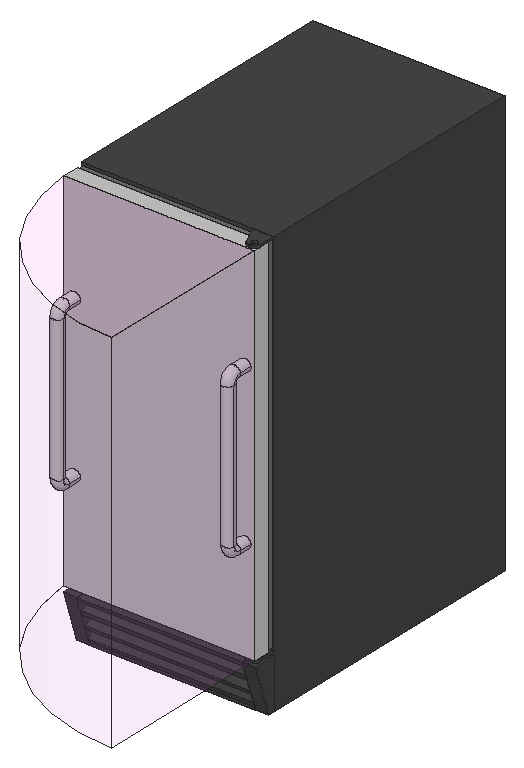
Revit family "QF_Summit_BIM44GADA_ADA_Compliant_Ice_Maker", category Specialty Equipment, Revit 2020
Family settings
  Round Connector Dimension = Use Diameter
  Part Type = Normal
  Work Plane-Based = No
  Always vertical = Yes
  Cut with Voids When Loaded = No
  Shared = No
  Room Calculation Point = No
Parameters
  Weight in Pounds = 100
  Watts = if(Phase = 3, Volts * FL Amps * 1.73, Volts * FL Amps)  # 552 W
  Waste Water Discharge Temperature = -459.67 °F
  Volts = 115 V
  Ventilation Remarks = ""
  URL Cutsheet = ""
  Specification by User = ""
  Specification by Manufacturer = ""
  Show RHD [instance] = yes
  Show LHD [instance] = not(Show RHD)  # no
  Show Clearance [instance] = yes
  Serial Number = ""
  Seismic Rating = ""
  SMACNA No = ""
  Revision Code = ""
  Refrigerant Volume = 0.00 kip
  Refrigerant Type = "R134a"
  Plumbing Remarks = ""
  Phase = 1
  Number of Poles = 1
  NAFEM Spec ID Number = ""
  Model = "BIM44GADA"
  Min Ckt Ampacity = 0 A
  Max Overcurrent Protection = 0 A
  Masterspec = ""
  Manufacturer = "Summit"
  Length = 14 1/2"
  Item Number = ""
  Installed By = ""
  Indirect Waste Size = 3/4"
  Indirect Waste Flow = 0 GPM
  Indirect Waste Connection Type = ""
  Indirect Waste Connection Height = 0"
  Identify Quantity as Lot = yes
  Height = 32 3/8"
  HP = ""
  Furnished By = ""
  Foodservice Equipment Identifier = yes
  FL Amps = 4.8 A
  Electrical Remarks = ""
  Electric Connection Type = ""
  Elec Conn RI Height = 0"
  Elec Conn Connection Height = 0"
  Direct Waste Size = 0"
  Direct Waste RI Height = 0"
  Direct Waste Flow = 0 GPM
  Direct Waste Connection Height = 0"
  Description = "ADA Compliant Ice Maker"
  Depth = 23 1/2"
  Default Elevation = 0"
  Cycle = 60 Hz
  Conn Plug = ""
  Conn Conduit = yes
  Cold Water Temperature Recommended = -459.67 °F
  Cold Water Size = 3/8"
  Cold Water RI Height = 0"
  Cold Water Minimum Pressure = 0.00 psi
  Cold Water Maximum Pressure = 0.00 psi
  Cold Water Flow = 0 GPM
  Cold Water Consumption = ""
  Cold Water Connection Height = 0"
  CSI MasterFormat = ""
  Base Height [instance] = 1/4"
  BTUH = 0.0 Btu/h
  Apparent Power = if(Phase = 3, Volts * FL Amps * 1.73, Volts * FL Amps)  # 552 VA
Reference planes (in)
  plane 1 "BACK": y = 0
  plane 2: z = 0
  plane 3 "LEFT": x = 0
  plane 4 "RIGHT": x = 14.5
  plane 5 "FRONT": y = -23.25
  plane 6 "TOP": z = 32.375
  plane 7 "Center Y": x = 7.25
  plane 8 "Center X": y = -11.625
  plane 9 "Base Height": z = 0.25
  plane 10: y = -36.75
  plane 11: y = -25.25
  plane 12: y = -21.5
  plane 13: z = 0.5
  plane 14: y = -23.5
  plane 15: y = 0.25
Forms (in)
  Extrusion 1, solid, material "QF_Metal_Black"
    sketch origin (0, 0, 0.25) x (-1, 0, 0) y (0, -1, 0)
      loop
        line (0, 21.5) -> (-14.5, 21.5) -> (-14.5, -0.25) -> (0, -0.25) -> (0, 21.5)
    from 0 to 32.125
  Extrusion 2, solid, material "QF_Metal_Stainless_Polished"
    sketch origin (15.07679, -21.5, 0.25) x (-1, 0, 0) y (0, 0, -1)
      loop
        line (0.63929, -31.9375) -> (15.01429, -31.9375) -> (15.01429, -4.1875) -> (0.63929, -4.1875) -> (0.63929, -31.9375)
    from 0.48459 to 1.75
  Extrusion 3, solid, material "QF_Rubber - Black - Smooth"
    sketch origin (15.07679, -21.5, 0.25) x (-1, 0, 0) y (0, 0, -1)
      loop
        line (14.95179, -31.875) -> (14.95179, -4.25) -> (0.70179, -4.25) -> (0.70179, -31.875) -> (14.95179, -31.875)
    from 0 to 0.48459
  Extrusion 4, solid, material "QF_Metal_Black", visible <- "Show LHD"
    sketch origin (0, 0, 32.375) x (-1, 0, 0) y (0, -1, 0)
      loop
        arc (-1.59653, 21.54634) -> (-1.5807, 21.51337) -> (-1.54666, 21.5) r 0.05
        line (-1.54666, 21.5) -> (0, 21.5) -> (0, 22.79709)
        arc (0, 22.79709) -> (-0.10983, 23.06226) -> (-0.375, 23.17209) r 0.375
        line (-0.375, 23.17209) -> (-0.57316, 23.17209)
        arc (-0.57316, 23.17209) -> (-0.77491, 23.11319) -> (-0.91329, 22.95501) r 0.375
        line (-0.91329, 22.95501) -> (-1.59653, 21.54634)
      loop
        circle (-0.375, 22.85959) r 0.21875
    from 0 to -0.125
  Revolve 5, solid, material "QF_Metal_Black", visible <- "Show LHD"
    sketch origin (0, -22.8585, 0) x (1, 0, 0) y (0, 0, 1)
      loop
        line (0.375, 32.4375) -> (0.15649, 32.4375) -> (0.15649, 32.25) -> (0.26575, 32.25) -> (0.26575, 32.1875) -> (0.375, 32.1875) -> (0.375, 32.4375)
      axis (0.375, 32.1875) -> (0.375, 32.4375)
    angle from 0 to 360
  Extrusion 6, solid, material "QF_Metal_Black", visible <- "Show LHD"
    sketch origin (14.4375, -21.5, 4.4375) x (0, 1, 0) y (1, 0, 0)
      loop
        line (0, -14.4375) -> (0, -12.89084)
        arc (0, -12.89084) -> (-0.01337, -12.8568) -> (-0.04634, -12.84097) r 0.05
        line (-0.04634, -12.84097) -> (-1.45501, -13.52421)
        arc (-1.45501, -13.52421) -> (-1.61319, -13.66259) -> (-1.67209, -13.86434) r 0.375
        line (-1.67209, -13.86434) -> (-1.67209, -14.0625)
        arc (-1.67209, -14.0625) -> (-1.56226, -14.32767) -> (-1.29709, -14.4375) r 0.375
        line (-1.29709, -14.4375) -> (0, -14.4375)
    from 0.0625 to 0.25
  Extrusion 7, solid, material "QF_Metal_Black", visible <- "Show LHD"
    sketch origin (14.4375, -21.5, 4.375) x (0, 1, 0) y (-1, 0, 0)
      loop
        circle (-1.3585, 14.0625) r 0.21851
    from 0 to 0.125
  Extrusion 8, solid, material "QF_Metal_Black"
    sketch origin (0, 0, 0) x (0, 1, 0) y (0, 0, 1)
      loop
        line (-21.5, 0.25) -> (-21.5, 4) -> (-23.25, 4) -> (-22, 0.25) -> (-21.5, 0.25)
    from 0 to 1
  Extrusion 9, solid, material "QF_Metal_Black"
    sketch origin (14.5, 0, 0) x (0, -1, 0) y (0, 0, 1)
      loop
        line (21.5, 0.25) -> (22, 0.25) -> (23.25, 4) -> (21.5, 4) -> (21.5, 0.25)
    from 0 to 1
  Extrusion 10, solid, material "QF_Metal_Black"
    sketch origin (1, 0, 0) x (0, 1, 0) y (0, 0, 1)
      loop
        line (-21.5, 4) -> (-23.25, 4) -> (-23.16667, 3.75) -> (-21.625, 3.75) -> (-22.88286, 2.89857) -> (-22.79167, 2.625) -> (-21.625, 2.625) -> (-22.5, 1.75) -> (-22.41667, 1.5) -> (-21.67961, 1.5) -> (-22.16667, 0.75) -> (-22.08333, 0.5) -> (-22.08333, 0.25) -> (-21.5, 0.25) -> (-21.5, 4)
    from 0 to 12.5
  Sweep 11, solid, material "QF_Metal_Stainless_Polished"
    path origin (14.5, 0, 0) x (0, -1, 0) y (0, 0, 1)
      loop
        line (23.25, 24.625) -> (24.25, 24.625)
        arc (24.25, 24.625) -> (24.95711, 24.33211) -> (25.25, 23.625) r 1
        line (25.25, 23.625) -> (25.25, 12.75)
        arc (25.25, 12.75) -> (24.95711, 12.04289) -> (24.25, 11.75) r 1
        line (24.25, 11.75) -> (23.25, 11.75)
    profile origin (14.5, -25.25, 18.1875) x (-1, 0, 0) y (0, -1, 0)
      loop
        circle (0.8125, -0.4375) r 0.4375
  Extrusion 12, void
    sketch origin (0, 0, 0.25) x (1, 0, 0) y (0, 0, -1)
      loop
        line (0.25, -7.875) -> (5, -7.875) -> (5, -0.25) -> (0.25, -0.25) -> (0.25, -7.875)
    from -1 to 1
  Extrusion 13, solid, material "QF_Rubber - Black - Smooth"
    sketch origin (0, 0, 0.25) x (1, 0, 0) y (0, 0, -1)
      loop
        circle (5.5, -0.75) r 0.25
    from 0 to 0.0625
  Extrusion 14, solid
    sketch origin (0, -1, 0.25) x (1, 0, 0) y (0, 0, -1)
      loop
        circle (1.75, -4.875) r 0.375
      loop
        circle (3.0625, -6.57986) r 0.1875
    from 0 to 0.0625
  Extrusion 15, solid, material "QF_Clearances_Door_Drawer", visible <- "Show LHD"
    sketch origin (14.4375, -21.5, 4.4375) x (0, 1, 0) y (1, 0, 0)
      loop
        arc (-1.75, 0.00137) -> (-11.3422, -4.51854) -> (-15.25245, -14.375) r 14.42446
        line (-15.25245, -14.375) -> (-1.75, -14.375) -> (-1.75, 0.00137)
    from 0 to -27.75
  Revolve 16, solid, material "QF_Metal_Black"
    sketch origin (0, -20, 0) x (1, 0, 0) y (0, 0, 1)
      loop
        line (1, 0) -> (1.5, 0) -> (1.5, 0.25) -> (1, 0.25) -> (1, 0)
      axis (1.5, 0.25) -> (1.5, 0)
    angle from 0 to 360
  Revolve 17, solid, material "QF_Metal_Black"
    sketch origin (11.5, -20, 0) x (1, 0, 0) y (0, 0, 1)
      loop
        line (1, 0) -> (1.5, 0) -> (1.5, 0.25) -> (1, 0.25) -> (1, 0)
      axis (1.5, 0.25) -> (1.5, 0)
    angle from 0 to 360
  Revolve 18, solid, material "QF_Metal_Black"
    sketch origin (0, -1.5, 0) x (1, 0, 0) y (0, 0, 1)
      loop
        line (1, 0) -> (1.5, 0) -> (1.5, 0.25) -> (1, 0.25) -> (1, 0)
      axis (1.5, 0.25) -> (1.5, 0)
    angle from 0 to 360
  Revolve 19, solid, material "QF_Metal_Black"
    sketch origin (11.5, -1.5, 0) x (1, 0, 0) y (0, 0, 1)
      loop
        line (1, 0) -> (1.5, 0) -> (1.5, 0.25) -> (1, 0.25) -> (1, 0)
      axis (1.5, 0.25) -> (1.5, 0)
    angle from 0 to 360
  Extrusion 20, solid, material "QF_Metal_Black", visible <- "Show RHD"
    sketch origin (14.5, 0, 32.375) x (1, 0, 0) y (0, 1, 0)
      loop
        line (-1.59653, -21.54634) -> (-0.91329, -22.95501)
        arc (-0.91329, -22.95501) -> (-0.77491, -23.11319) -> (-0.57316, -23.17209) r 0.375
        line (-0.57316, -23.17209) -> (-0.375, -23.17209)
        arc (-0.375, -23.17209) -> (-0.10983, -23.06226) -> (0, -22.79709) r 0.375
        line (0, -22.79709) -> (0, -21.5) -> (-1.54666, -21.5)
        arc (-1.54666, -21.5) -> (-1.5807, -21.51337) -> (-1.59653, -21.54634) r 0.05
      loop
        circle (-0.375, -22.85959) r 0.21875
    from 0 to -0.125
  Revolve 21, solid, material "QF_Metal_Black", visible <- "Show RHD"
    sketch origin (14.5, -22.8585, 0) x (-1, 0, 0) y (0, 0, -1)
      loop
        line (0.375, -32.4375) -> (0.375, -32.1875) -> (0.26575, -32.1875) -> (0.26575, -32.25) -> (0.15649, -32.25) -> (0.15649, -32.4375) -> (0.375, -32.4375)
      axis (0.375, -32.1875) -> (0.375, -32.4375)
    angle from 0 to 360
  Extrusion 22, solid, material "QF_Metal_Black", visible <- "Show RHD"
    sketch origin (0.0625, -21.5, 4.4375) x (0, -1, 0) y (-1, 0, 0)
      loop
        line (0, -14.4375) -> (1.29709, -14.4375)
        arc (1.29709, -14.4375) -> (1.56226, -14.32767) -> (1.67209, -14.0625) r 0.375
        line (1.67209, -14.0625) -> (1.67209, -13.86434)
        arc (1.67209, -13.86434) -> (1.61319, -13.66259) -> (1.45501, -13.52421) r 0.375
        line (1.45501, -13.52421) -> (0.04634, -12.84097)
        arc (0.04634, -12.84097) -> (0.01337, -12.8568) -> (0, -12.89084) r 0.05
        line (0, -12.89084) -> (0, -14.4375)
    from 0.0625 to 0.25
  Extrusion 23, solid, material "QF_Metal_Black", visible <- "Show RHD"
    sketch origin (0.0625, -21.5, 4.375) x (0, -1, 0) y (1, 0, 0)
      loop
        circle (1.3585, 14.0625) r 0.21851
    from 0 to 0.125
  Sweep 24, solid, material "QF_Metal_Stainless_Polished", visible <- "Show RHD"
    path origin (0, 0, 0) x (0, -1, 0) y (0, 0, -1)
      loop
        line (23.25, -24.625) -> (24.25, -24.625)
        arc (24.25, -24.625) -> (24.95711, -24.33211) -> (25.25, -23.625) r 1
        line (25.25, -23.625) -> (25.25, -12.75)
        arc (25.25, -12.75) -> (24.95711, -12.04289) -> (24.25, -11.75) r 1
        line (24.25, -11.75) -> (23.25, -11.75)
    profile origin (0, -25.25, 18.1875) x (1, 0, 0) y (0, 1, 0)
      loop
        circle (0.8125, 0.4375) r 0.4375
  Extrusion 25, solid, material "QF_Clearances_Door_Drawer", visible <- "Show RHD"
    sketch origin (0.0625, -21.5, 4.4375) x (0, -1, 0) y (-1, 0, 0)
      loop
        line (1.75, 0.00137) -> (1.75, -14.375) -> (15.25245, -14.375)
        arc (15.25245, -14.375) -> (11.3422, -4.51854) -> (1.75, 0.00137) r 14.42446
    from 0 to -27.75
Cuts and joins
  Extrusion 12 cuts Extrusion 1
Lines and regions (in)
  Split face 1
    outline origin (0.375, -22.8585, 32.4375) x (0, 1, 0) y (-1, 0, 0)
      loop
        line (-0.02941, 0.21652) -> (-0.02941, -0.21751)
  Split face 2
    outline origin (0.375, -22.8585, 32.4375) x (0, 1, 0) y (-1, 0, 0)
      loop
        line (0.03309, 0.21651) -> (0.03309, -0.21651)
  Split face 3
    outline origin (14.125, -22.8585, 32.4375) x (1, 0, 0) y (0, 1, 0)
      loop
        line (0.21652, -0.02941) -> (-0.21751, -0.02941)
  Split face 4
    outline origin (14.125, -22.8585, 32.4375) x (1, 0, 0) y (0, 1, 0)
      loop
        line (0.21651, 0.03309) -> (-0.21651, 0.03309)
  symbolic lines
    curve 1: line (0, 0, 0.25) -> (14.5, 0, 0.25)
    curve 2: line (0, -23.25, 0.25) -> (0, 0, 0.25)
    curve 3: line (14.5, -21.5, 0.25) -> (0, -21.5, 0.25)
    curve 4: line (14.5, 0, 0.25) -> (14.5, -23.25, 0.25)
    curve 8: line (0, -23.25, 0.25) -> (14.5, -23.25, 0.25)
    curve 18: line (0.0625, -23.00438, 0.25) -> (0.0625, -23.25, 0.25)
  symbolic lines, visible <- "Show LHD"
    curve 5: line (14.375, -21.98459, 0.25) -> (14.375, -21.5, 0.25)
    curve 6: line (14.4375, -21.98459, 0.25) -> (1.38396, -21.98459, 0.25)
    curve 7: line (14.4375, -23.25, 0.25) -> (14.4375, -21.98459, 0.25)
    curve 9: arc (1.59653, -21.54634, 0.25) -> (1.5807, -21.51337, 0.25) -> (1.54666, -21.5, 0.25) r 0.05
    curve 10: line (0.91329, -22.95501, 0.25) -> (1.59653, -21.54634, 0.25)
    curve 11: arc (0.57316, -23.17209, 0.25) -> (0.77491, -23.11319, 0.25) -> (0.91329, -22.95501, 0.25) r 0.375
    curve 12: line (0.375, -23.17209, 0.25) -> (0.57316, -23.17209, 0.25)
    curve 13: arc (0, -22.79709, 0.25) -> (0.10983, -23.06226, 0.25) -> (0.375, -23.17209, 0.25) r 0.375
    curve 14: arc (0.59351, -22.8585, 0.25) -> (0.375, -23.07701, 0.25) -> (0.15649, -22.8585, 0.25) r 0.21851
    curve 15: arc (0.15649, -22.8585, 0.25) -> (0.375, -22.64, 0.25) -> (0.59351, -22.8585, 0.25) r 0.21851
    curve 16: line (0.15901, -22.82541, 0.25) -> (0.59099, -22.82541, 0.25)
    curve 17: line (0.15848, -22.88791, 0.25) -> (0.59152, -22.88791, 0.25)
    curve 19: line (14.12325, -23.25, 0.25) -> (14.12325, -24.81373, 0.25)
    curve 20: line (13.24984, -23.25, 0.25) -> (13.24984, -24.81373, 0.25)
    curve 21: arc (13.24984, -24.81373, 0.25) -> (13.68654, -25.25043, 0.25) -> (14.12325, -24.81373, 0.25) r 0.43671
  symbolic lines, style "QF_Clearances_Door_Drawer", visible <- "Show LHD"
    curve 22: arc (14.43783, -23.25, 0.25) -> (13.72697, -26.87976, 0.25) -> (12.11734, -30.20986, 0.25) r 14.43997
    curve 23: line (0.0625, -23.25, 0.25) -> (12.11734, -30.20986, 0.25)
  symbolic lines, visible <- "Show RHD"
    curve 24: arc (12.90347, -21.54634, 0.25) -> (12.9193, -21.51337, 0.25) -> (12.95334, -21.5, 0.25) r 0.05
    curve 25: line (13.58671, -22.95501, 0.25) -> (12.90347, -21.54634, 0.25)
    curve 26: arc (13.92684, -23.17209, 0.25) -> (13.72509, -23.11319, 0.25) -> (13.58671, -22.95501, 0.25) r 0.375
    curve 27: line (14.125, -23.17209, 0.25) -> (13.92684, -23.17209, 0.25)
    curve 28: arc (14.5, -22.79709, 0.25) -> (14.39017, -23.06226, 0.25) -> (14.125, -23.17209, 0.25) r 0.375
    curve 29: arc (13.90649, -22.8585, 0.25) -> (14.125, -23.07701, 0.25) -> (14.34351, -22.8585, 0.25) r 0.21851
    curve 30: arc (14.34351, -22.8585, 0.25) -> (14.125, -22.64, 0.25) -> (13.90649, -22.8585, 0.25) r 0.21851
    curve 31: line (14.34099, -22.82541, 0.25) -> (13.90901, -22.82541, 0.25)
    curve 32: line (14.34152, -22.88791, 0.25) -> (13.90848, -22.88791, 0.25)
    curve 35: line (0.37675, -23.25, 0.25) -> (0.37675, -24.81373, 0.25)
    curve 36: line (1.25016, -23.25, 0.25) -> (1.25016, -24.81373, 0.25)
    curve 37: arc (1.25016, -24.81373, 0.25) -> (0.81346, -25.25043, 0.25) -> (0.37675, -24.81373, 0.25) r 0.43671
    curve 38: line (0.125, -21.98459, 0.25) -> (0.125, -21.5, 0.25)
    curve 39: line (0.0625, -21.98459, 0.25) -> (13.11604, -21.98459, 0.25)
    curve 40: line (0.0625, -23.25, 0.25) -> (0.0625, -21.98459, 0.25)
  symbolic lines, style "QF_Clearances_Door_Drawer", visible <- "Show RHD"
    curve 33: arc (0.06217, -23.25, 0.25) -> (0.77303, -26.87976, 0.25) -> (2.38266, -30.20986, 0.25) r 14.43997
    curve 34: line (14.4375, -23.25, 0.25) -> (2.38266, -30.20986, 0.25)
Dimensions and locks (in)
  equal spacing: plane 3 "LEFT", plane 7 "Center Y", plane 4 "RIGHT"
  "Length": plane 3 "LEFT" to plane 4 "RIGHT"
  equal spacing: plane 5 "FRONT", plane 8 "Center X", plane 1 "BACK"
  plane 5 "FRONT" to plane 1 "BACK" = 23 1/4"
  "Height": plane 6 "TOP" to level
  "Base Height": plane 9 "Base Height" to level
  plane 10 to plane 1 "BACK" = 36 3/4"
  plane 11 to plane 5 "FRONT" = 2"
  plane 12 to plane 1 "BACK" = 21 1/2"
  plane 6 "TOP" to plane 9 "Base Height" = 32 1/8"
  plane 15 to plane 5 "FRONT" = 23 1/2"
  aligned and locked: level to plane 2
Automatic sketch dimensions
  plane 12 to Extrusion 1 sketch curve = 0"
  Extrusion 2 sketch curve to Extrusion 1 = 1/16"
  Extrusion 1 to Extrusion 2 sketch curve = 1/16"
  Extrusion 1 to Extrusion 2 sketch curve = 3/16"
  Extrusion 1 to Extrusion 2 sketch curve = 4 3/16"
  Extrusion 3 sketch curve to Extrusion 1 = 1/8"
  Extrusion 1 to Extrusion 3 sketch curve = 1/8"
  Extrusion 1 to Extrusion 3 sketch curve = 1/4"
  Extrusion 1 to Extrusion 3 sketch curve = 4 1/4"
  Extrusion 1 to Extrusion 4 sketch curve = 0"
  Extrusion 4 sketch curve to Extrusion 1 = 0"
  Extrusion 4 sketch curve to Extrusion 4 sketch curve = 3/8"
  Extrusion 4 sketch curve to Extrusion 4 sketch curve = 0"  (x2)
  Extrusion 4 sketch curve to Extrusion 4 sketch curve = 0.19816"
  Extrusion 4 sketch curve to Extrusion 4 sketch curve = 0.34013"
  Extrusion 4 sketch curve to Extrusion 4 sketch curve = 1.54666"
  Extrusion 1 to Extrusion 4 sketch curve = 0.04634"
  Extrusion 4 sketch curve to Extrusion 4 sketch curve = 0.04987"
  Extrusion 1 to Extrusion 4 sketch curve = 1.29709"
  Extrusion 4 sketch curve to Extrusion 4 sketch curve = 1/16"
  plane 6 "TOP" to Revolve 5 sketch curve = 1/16"
  plane 3 "LEFT" to Revolve 5 sketch curve = 0.15649"
  Revolve 5 sketch curve to Revolve 5 sketch curve = 0.10925"  (x2)
  Revolve 5 sketch curve to plane 6 "TOP" = 1/8"
  Revolve 5 sketch curve to Revolve 5 sketch curve = 1/16"
  Revolve 5 sketch curve to Revolve 5 sketch curve = 0"  (x2)
  Revolve 5 sketch curve to Revolve 5 sketch curve = 0.17625"
  Revolve 5 to Split face 1 sketch curve = 0.02941"
  Split face 1 sketch curve to Split face 1 sketch curve = 0.43403"
  Split face 2 sketch curve to Revolve 5 = 0.03309"
  Split face 2 sketch curve to Split face 2 sketch curve = 0.43301"
  Extrusion 6 sketch curve to Extrusion 2 = 0.07791"
  Extrusion 6 sketch curve to Extrusion 2 = 0.29499"
  Extrusion 6 sketch curve to Extrusion 6 sketch curve = 3/8"
  Extrusion 2 to Extrusion 6 sketch curve = 1/16"
  Extrusion 6 sketch curve to Extrusion 2 = 0.45291"
  Extrusion 2 to Extrusion 6 sketch curve = 0.43459"
  Extrusion 6 sketch curve to Extrusion 6 sketch curve = 0.00366"
  Extrusion 2 to Extrusion 6 sketch curve = 0.48459"
  Extrusion 6 sketch curve to Extrusion 6 sketch curve = 0.19816"
  Extrusion 6 sketch curve to Extrusion 2 = 1.48416"
  Extrusion 7 sketch curve to Extrusion 7 sketch curve = 0"  (x2)
  Extrusion 7 sketch curve to Extrusion 6 = 0.31359"
  Extrusion 7 sketch curve to Extrusion 6 = 3/8"
  Extrusion 7 sketch curve to Extrusion 7 sketch curve = 0.21851"
  Extrusion 8 sketch curve to plane 5 "FRONT" = 0"
  Extrusion 8 sketch curve to plane 9 "Base Height" = 0"
  Extrusion 8 sketch curve to plane 12 = 0"
  plane 12 to Extrusion 8 sketch curve = 1/2"
  plane 13 to Extrusion 8 sketch curve = 3 1/2"
  Extrusion 9 sketch curve to plane 12 = 0"
  Extrusion 9 sketch curve to plane 9 "Base Height" = 0"  (x2)
  Extrusion 9 sketch curve to plane 5 "FRONT" = 0"
  plane 13 to Extrusion 9 sketch curve = 3 1/2"
  Extrusion 9 sketch curve to Extrusion 9 sketch curve = 1/2"
  Extrusion 9 sketch curve to Extrusion 9 sketch curve = 0"
  Extrusion 10 sketch curve to Extrusion 8 = 0"  (x4)
  Extrusion 8 to Extrusion 10 sketch curve = 0"  (x7)
  Extrusion 10 sketch curve to Extrusion 8 = 1/4"  (x2)
  Extrusion 10 sketch curve to Extrusion 8 = 1.10143"
  Extrusion 10 sketch curve to Extrusion 10 sketch curve = 0.09119"
  Extrusion 10 sketch curve to Extrusion 10 sketch curve = 0.29167"
  Extrusion 10 sketch curve to Extrusion 10 sketch curve = 0.08333"
  Extrusion 10 sketch curve to Extrusion 8 = 1/2"
  Extrusion 10 sketch curve to Extrusion 8 = 0.17961"
  Extrusion 10 sketch curve to Extrusion 8 = 1/8"  (x2)
  Sweep 11 sketch curve to plane 5 "FRONT" = 0"  (x2)
  Sweep 11 sketch curve to plane 11 = 0"
  Sweep 11 sketch curve to Sweep 11 sketch curve = 1"  (x2)
  plane 13 to Sweep 11 sketch curve = 11 1/4"
  Sweep 11 sketch curve to plane 6 "TOP" = 8 3/4"
  Sweep 11 sketch curve to Sweep 11 sketch curve = 0"  (x2)
  plane 4 "RIGHT" to Sweep 11 sketch curve = 13/16"
  profile plane to Sweep 11 sketch curve = 7/16"
  plane 4 "RIGHT" to Sweep 11 sketch curve = 3/8"
  Extrusion 12 sketch curve to Extrusion 12 sketch curve = 4 3/4"
  Extrusion 12 sketch curve to Extrusion 12 sketch curve = 7 5/8"
  Extrusion 14 sketch curve to Extrusion 12 = 1 1/2"
  Extrusion 14 sketch curve to Extrusion 12 = 1 15/16"
  Extrusion 14 sketch curve to Extrusion 12 = 1.29514"
  Extrusion 14 sketch curve to Extrusion 14 sketch curve = 1.70486"
  Extrusion 15 sketch curve to Extrusion 2 = 0"
  Extrusion 2 to Extrusion 15 sketch curve = 0"
  Extrusion 2 to Extrusion 15 sketch curve = 13.50245"
  Extrusion 2 to Extrusion 15 sketch curve = 0.01859"
  Extrusion 15 sketch curve to Extrusion 2 = 0.34341"
  Revolve 16 sketch curve to level = 0"  (x2)
  Revolve 16 sketch curve to plane 9 "Base Height" = 0"
  plane 3 "LEFT" to Revolve 16 sketch curve = 1"
  Revolve 16 sketch curve to Revolve 16 sketch curve = 1/2"
  Revolve 16 sketch curve to Revolve 16 sketch curve = 0"
  Revolve 16 sketch curve to Revolve 16 sketch curve = 0.61388"
  Revolve 17 sketch curve to level = 0"  (x2)
  Revolve 17 sketch curve to plane 9 "Base Height" = 0"
  plane 4 "RIGHT" to Revolve 17 sketch curve = 2"
  Revolve 17 sketch curve to Revolve 17 sketch curve = 1/2"
  Revolve 17 sketch curve to Revolve 17 sketch curve = 0"
  Revolve 17 sketch curve to Revolve 17 sketch curve = 0.61388"
  Revolve 18 sketch curve to level = 0"  (x2)
  Revolve 18 sketch curve to plane 9 "Base Height" = 0"
  plane 3 "LEFT" to Revolve 18 sketch curve = 1"
  Revolve 18 sketch curve to Revolve 18 sketch curve = 1/2"
  Revolve 18 sketch curve to Revolve 18 sketch curve = 0"
  Revolve 18 sketch curve to level = 0.61388"
  Revolve 19 sketch curve to level = 0"  (x2)
  Revolve 19 sketch curve to plane 9 "Base Height" = 0"
  plane 4 "RIGHT" to Revolve 19 sketch curve = 2"
  Revolve 19 sketch curve to Revolve 19 sketch curve = 1/2"
  Revolve 19 sketch curve to Revolve 19 sketch curve = 0"
  Revolve 19 sketch curve to level = 0.61388"
  Extrusion 1 to Extrusion 20 sketch curve = 0"
  Extrusion 20 sketch curve to Extrusion 1 = 0"
  Extrusion 20 sketch curve to Extrusion 20 sketch curve = 3/8"
  Extrusion 20 sketch curve to Extrusion 20 sketch curve = 0"  (x2)
  Extrusion 20 sketch curve to Extrusion 20 sketch curve = 0.19816"
  Extrusion 20 sketch curve to Extrusion 20 sketch curve = 0.34013"
  Extrusion 20 sketch curve to Extrusion 20 sketch curve = 1.54666"
  Extrusion 1 to Extrusion 20 sketch curve = 0.04634"
  Extrusion 20 sketch curve to Extrusion 20 sketch curve = 0.04987"
  Extrusion 1 to Extrusion 20 sketch curve = 1.29709"
  Extrusion 20 sketch curve to Extrusion 20 sketch curve = 1/16"
  plane 6 "TOP" to Revolve 21 sketch curve = 1/16"
  plane 4 "RIGHT" to Revolve 21 sketch curve = 0.15649"
  Revolve 21 sketch curve to Revolve 21 sketch curve = 0.10925"  (x2)
  Revolve 21 sketch curve to plane 6 "TOP" = 1/8"
  Revolve 21 sketch curve to Revolve 21 sketch curve = 1/16"
  Revolve 21 sketch curve to Revolve 21 sketch curve = 0"  (x2)
  Revolve 21 sketch curve to Revolve 21 sketch curve = 0.17625"
  Revolve 21 to Split face 3 sketch curve = 0.02941"
  Split face 3 sketch curve to Split face 3 sketch curve = 0.43403"
  Split face 4 sketch curve to Revolve 21 = 0.03309"
  Split face 4 sketch curve to Split face 4 sketch curve = 0.43301"
  Extrusion 22 sketch curve to Extrusion 2 = 1/16"
  Extrusion 2 to Extrusion 22 sketch curve = 0.48459"
  Extrusion 22 sketch curve to Extrusion 22 sketch curve = 0.04634"
  Extrusion 22 sketch curve to Extrusion 22 sketch curve = 0.05"
  Extrusion 22 sketch curve to Extrusion 2 = 0.45291"
  Extrusion 22 sketch curve to Extrusion 22 sketch curve = 0"
  Extrusion 22 sketch curve to Extrusion 2 = 0.29499"
  Extrusion 22 sketch curve to Extrusion 2 = 0.07791"
  Extrusion 22 sketch curve to Extrusion 22 sketch curve = 0.19816"
  Extrusion 2 to Extrusion 22 sketch curve = 1.48416"
  Extrusion 23 sketch curve to Extrusion 23 sketch curve = 0"  (x2)
  Extrusion 23 sketch curve to Extrusion 22 = 0.31359"
  Extrusion 23 sketch curve to Extrusion 22 = 3/8"
  Extrusion 23 sketch curve to Extrusion 23 sketch curve = 0.21851"
  Sweep 24 sketch curve to plane 5 "FRONT" = 0"  (x2)
  Sweep 24 sketch curve to plane 11 = 0"
  Sweep 24 sketch curve to Sweep 24 sketch curve = 1"  (x2)
  Sweep 24 sketch curve to plane 6 "TOP" = 7 3/4"
  Sweep 24 sketch curve to Sweep 24 sketch curve = 10 7/8"
  Sweep 24 sketch curve to Sweep 24 sketch curve = 0"  (x2)
  profile plane to Sweep 24 sketch curve = 13/16"
  Sweep 24 sketch curve to profile plane = 7/16"
  profile plane to Sweep 24 sketch curve = 3/8"
  Extrusion 25 sketch curve to Extrusion 2 = 0"  (x2)
  Extrusion 25 sketch curve to Extrusion 2 = 0.01859"
  Extrusion 25 sketch curve to Extrusion 2 = 0.34341"
  Extrusion 2 to Extrusion 25 sketch curve = 13.50245"
  curve 28 to plane 4 "RIGHT" = 0"
  plane 1 "BACK" to curve 1 = 0"
  plane 5 "FRONT" to curve 34 = 0"
  plane 12 to curve 5 = 0"
  plane 5 "FRONT" to curve 23 = 0"
  curve 8 to plane 3 "LEFT" = 0"
  plane 4 "RIGHT" to curve 33 = 0.02832"
  plane 4 "RIGHT" to curve 34 = 1/16"
  plane 4 "RIGHT" to curve 30 = 3/8"
  curve 28 to curve 29 = 0"
  plane 4 "RIGHT" to curve 19 = 0.37675"
  curve 28 to curve 26 = 0.19816"
  curve 21 to curve 21 = 0.43671"
  curve 25 to plane 5 "FRONT" = 0.29499"
  curve 26 to curve 25 = 0.34013"
  plane 12 to curve 24 = 0.05"
  curve 25 to curve 24 = 0.63337"
  plane 12 to curve 25 = 0.04634"
  plane 4 "RIGHT" to curve 23 = 2.38266"
  plane 3 "LEFT" to curve 34 = 2.38266"
  plane 12 to curve 10 = 0.04634"
  plane 3 "LEFT" to curve 10 = 1.59653"
  curve 9 to curve 9 = 0.04987"
  plane 3 "LEFT" to curve 36 = 1.25016"
  curve 10 to plane 5 "FRONT" = 0.29499"
  curve 36 to curve 10 = 0.33688"
  curve 36 to curve 37 = 0.43671"
  curve 12 to plane 5 "FRONT" = 0.07791"
  curve 12 to curve 35 = 0.19641"
  curve 11 to curve 13 = 0.19816"
  curve 14 to curve 13 = 0"
  plane 3 "LEFT" to curve 23 = 1/16"
  plane 3 "LEFT" to curve 39 = 1/16"
  plane 3 "LEFT" to curve 22 = 0.02832"
  plane 12 to curve 7 = 0.48459"
  plane 12 to curve 39 = 0.48459"
  curve 6 to curve 33 = 0.32791"
  curve 39 to curve 22 = 0.32791"
  curve 28 to plane 5 "FRONT" = 0.45291"
  curve 28 to curve 29 = 0.06141"
  curve 13 to curve 14 = 0.06141"
  plane 11 to curve 35 = 0.43627"
  plane 11 to curve 19 = 0.43627"
  curve 34 to plane 11 = 4.95986"
  curve 23 to plane 11 = 4.95986"
  curve 3 to curve 5 = 1/8"
  plane 4 "RIGHT" to curve 29 = 0.15649"
  curve 29 to curve 32 = 0.00199"
  curve 29 to curve 31 = 0.00252"
  curve 14 to curve 11 = 0.02035"
  curve 14 to curve 17 = 0.00199"
  curve 15 to curve 16 = 0.00252"
  curve 38 to curve 39 = 1/16"
  plane 5 "FRONT" to curve 4 = 0"
  Extrusion 1 sketch curve to plane 4 "RIGHT" = 0"
  plane 15 to Extrusion 1 sketch curve = 0"
  Extrusion 1 sketch curve to plane 3 "LEFT" = 0"
  Extrusion 12 sketch curve to plane 13 = 0"
  plane 3 "LEFT" to Extrusion 12 sketch curve = 1/4"
  plane 13 to Extrusion 13 sketch curve = 1/2"
  Extrusion 13 sketch curve to plane 7 "Center Y" = 1 3/4"
  radius of Extrusion 4 sketch curve = 7/32"
  radius of Extrusion 13 sketch curve = 1/4"
  radius of Extrusion 14 sketch curve = 3/8"
  radius of Extrusion 14 sketch curve = 3/16"
  radius of Extrusion 20 sketch curve = 7/32"
Connectors (in)
  piping at (1.75, -0.9375, 5.125), diameter 0.75
    settings: on Extrusion 14, index 1, connector inside diameter 24", connector length 0", flow factor 0, pipe flow 0 GPM, pressure drop 0.00 psi, fitting loss kfactor 0, connector angle 0.00°, fixture units 0, engagement length 0", angle of deflection 0.00°, flow configuration 1, flow direction 2, fitting loss method 0, system type 16, joint type 0, gender type 0, connector reference index -1, connector utility 0, adjustable connector no, is connector primary yes, connector description "Drain"
  piping at (3.0625, -0.9375, 6.82986), diameter 0.375
    settings: on Extrusion 14, index 2, connector inside diameter 24", connector length 0", flow factor 0, pipe flow 0 GPM, pressure drop 0.00 psi, fitting loss kfactor 0, connector angle 0.00°, fixture units 0, engagement length 0", angle of deflection 0.00°, flow configuration 1, flow direction 1, fitting loss method 0, system type 20, joint type 0, gender type 0, connector reference index -1, connector utility 0, adjustable connector no, is connector primary no, connector description "Cold Water Connection"
  electrical at (5.5, 0.0625, 1), driven by "Volts"
    settings: on Extrusion 13, index 3, voltage 115 V, apparent load 0 VA, apparent load phase1 0 VA, apparent load phase2 0 VA, apparent load phase3 0 VA, power factor 1, load classification "Other", number of poles 1, system type 30, power factor state 1, is connector primary yes, connector utility no, sub classification motor no, connector description "Electrical Connection"
